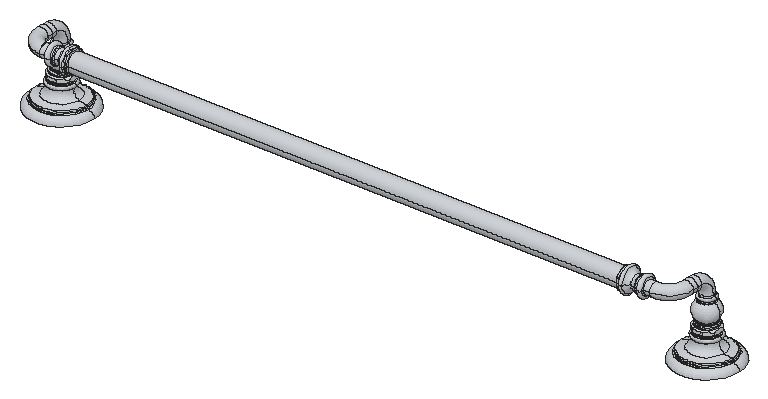
Revit family "Accessory-Towel_Bar-KOHLER-Artifacts-K-72569", category Specialty Equipment, host Face, Revit 2015 (continued)
Definition of nested family "K-72569"
  Automatic sketch dimensions
    Revolve 1 sketch curve to Revolve 1 sketch curve = 0.05268"
    Revolve 1 sketch curve to Revolve 1 sketch curve = 0.06456"
    Revolve 1 sketch curve to Revolve 1 sketch curve = 0.07587"
    Revolve 1 sketch curve to Revolve 1 sketch curve = 0.08347"
    Revolve 1 sketch curve to Revolve 1 sketch curve = 0.06131"
    Revolve 1 sketch curve to Revolve 1 sketch curve = 0.04276"
    Revolve 1 sketch curve to Revolve 1 sketch curve = 0.42407"
    Revolve 1 sketch curve to Revolve 1 sketch curve = 0.40824"
    Revolve 1 sketch curve to Revolve 1 sketch curve = 0.43783"
    Revolve 1 sketch curve to Revolve 1 sketch curve = 0.08395"
    Revolve 1 sketch curve to Revolve 1 sketch curve = 0.05126"
    Revolve 1 sketch curve to Revolve 1 sketch curve = 0"  (x4)
    Revolve 1 sketch curve to Revolve 1 sketch curve = 0.02262"
    level to Revolve 1 sketch curve = 0.1926"
    Sweep 2 sketch curve to plane 4 "B" = 0"
    Sweep 2 sketch curve to Sweep 2 sketch curve = 1/4"
    Sweep 2 sketch curve to Sweep 2 sketch curve = 0.3057"
    Sweep 2 sketch curve to profile plane = 0"  (x2)
    Revolve 3 sketch curve to Revolve 3 sketch curve = 0.04499"
    Revolve 3 sketch curve to Revolve 3 sketch curve = 0.07453"
    Revolve 3 sketch curve to Revolve 3 sketch curve = 0.02954"
    Revolve 3 sketch curve to Revolve 3 sketch curve = 0.01009"  (x2)
    Revolve 3 sketch curve to Revolve 3 sketch curve = 0.03018"  (x2)
    Revolve 3 sketch curve to Revolve 3 sketch curve = 0.05281"  (x2)
    Revolve 3 sketch curve to Revolve 3 sketch curve = 0.02977"  (x2)
    Revolve 3 sketch curve to Revolve 3 sketch curve = 0.00746"  (x2)
    Revolve 3 sketch curve to Revolve 3 sketch curve = 0.13506"  (x2)
    Revolve 3 sketch curve to Revolve 3 sketch curve = 0.05903"  (x2)
    Revolve 3 sketch curve to Revolve 3 sketch curve = 0.05494"  (x2)
    plane 5 "C" to Revolve 3 sketch curve = 1.12992"
    Revolve 3 sketch curve to Revolve 3 sketch curve = 0.10662"
    Revolve 3 sketch curve to Revolve 3 sketch curve = 0.10636"  (x2)
    Revolve 3 sketch curve to Revolve 3 sketch curve = 0.1081"  (x2)
    Revolve 3 sketch curve to Revolve 3 sketch curve = 0.07388"
    Revolve 3 sketch curve to Revolve 3 sketch curve = 0.01339"  (x2)
    Revolve 3 sketch curve to Revolve 3 sketch curve = 0.34683"  (x2)
    Revolve 3 sketch curve to Revolve 3 sketch curve = 0.10942"  (x2)
    Revolve 3 sketch curve to Revolve 3 sketch curve = 0.08218"  (x2)
    Revolve 3 sketch curve to plane 4 "B" = 2.2126"
    Revolve 3 sketch curve to Revolve 3 sketch curve = 0.08727"
    Revolve 3 sketch curve to Revolve 3 sketch curve = 0.10614"
    Revolve 3 sketch curve to Revolve 3 sketch curve = 0.10769"  (x2)
    Revolve 3 sketch curve to Revolve 3 sketch curve = 0"  (x7)
    Revolve 3 sketch curve to Revolve 3 sketch curve = 0.0928"
    plane 1 "Center (Front/Back)" to Extrusion 4 sketch curve = 0"
    Extrusion 4 sketch curve to plane 4 "B" = 0"
    plane 4 "B" to Extrusion 4 sketch curve = 0.233"  (x2)
    Extrusion 4 sketch curve to plane 1 "Center (Front/Back)" = 0.233"  (x2)
    Extrusion 4 sketch curve to Extrusion 4 sketch curve = 0.3295"  (x4)
    Extrusion 4 sketch curve to plane 4 "B" = 0.233"  (x2)
    plane 1 "Center (Front/Back)" to Extrusion 4 sketch curve = 0.233"  (x2)
    Revolve 5 sketch curve to level = 0"  (x2)
    plane 4 "B" to Revolve 5 sketch curve = 0"  (x2)
    Revolve 5 sketch curve to Revolve 5 sketch curve = 0.29529"
    Revolve 5 sketch curve to Revolve 5 sketch curve = 0.12965"
    Revolve 5 sketch curve to Revolve 5 sketch curve = 1.50093"
    Revolve 5 sketch curve to plane 6 "A" = 0.78472"
    Revolve 5 sketch curve to Revolve 5 sketch curve = 0.34794"
    Revolve 5 sketch curve to Revolve 5 sketch curve = 1/2"
    Revolve 7 sketch curve to level = 0"  (x2)
    plane 5 "C" to Revolve 7 sketch curve = 0"  (x2)
    Revolve 7 sketch curve to Revolve 7 sketch curve = 0.29529"
    Revolve 7 sketch curve to Revolve 7 sketch curve = 0.12965"
    Revolve 7 sketch curve to Revolve 7 sketch curve = 1.50093"
    plane 6 "A" to Revolve 7 sketch curve = 0.78472"
    Revolve 7 sketch curve to Revolve 7 sketch curve = 0.36863"
    Revolve 7 sketch curve to level = 1/2"
    Sweep 8 sketch curve to plane 6 "A" = 0"
    Sweep 8 sketch curve to plane 1 "Center (Front/Back)" = 0"
    Sweep 8 sketch curve to Sweep 8 sketch curve = 179/256"
    Sweep 8 sketch curve to Sweep 8 sketch curve = 0.0855"
    Sweep 8 sketch curve to Sweep 8 sketch curve = 0.22563"
    Sweep 8 sketch curve to plane 4 "B" = 0"
    Sweep 8 sketch curve to profile plane = 0"
    curve 134 to curve 135 = 0"  (x3)
    curve 135 to plane 6 "A" = 0"
    curve 132 to curve 134 = 0.29623"
    curve 134 to curve 135 = 0.4028"
    curve 135 to curve 132 = 0.1028"
    curve 135 to curve 133 = 0.1028"
    Sweep 9 sketch curve to plane 6 "A" = 0"
    Sweep 9 sketch curve to plane 1 "Center (Front/Back)" = 0"
    Sweep 9 sketch curve to Sweep 9 sketch curve = 179/256"
    Sweep 9 sketch curve to Sweep 9 sketch curve = 0.0855"
    Sweep 9 sketch curve to Sweep 9 sketch curve = 0.22563"
    Sweep 9 sketch curve to plane 5 "C" = 0"
    Sweep 9 sketch curve to profile plane = 0"
    Sweep 10 sketch curve to plane 5 "C" = 0"
    Sweep 10 sketch curve to Sweep 10 sketch curve = 1/4"
    Sweep 10 sketch curve to Sweep 10 sketch curve = 0.3057"
    Sweep 10 sketch curve to plane 6 "A" = 0"
    Sweep 10 sketch curve to profile plane = 0"
    Revolve 11 sketch curve to level = 0"  (x2)
    plane 5 "C" to Revolve 11 sketch curve = 0"  (x2)
    Revolve 11 sketch curve to plane 5 "C" = 0.10942"
    Revolve 11 sketch curve to plane 5 "C" = 0.34714"
    Revolve 11 sketch curve to Revolve 11 sketch curve = 0.00747"
    Revolve 11 sketch curve to plane 5 "C" = 0.39368"
    Revolve 11 sketch curve to Revolve 11 sketch curve = 15/256"
    Revolve 11 sketch curve to Revolve 11 sketch curve = 1/32"  (x2)
    Revolve 11 sketch curve to Revolve 11 sketch curve = 0.02797"
    Revolve 11 sketch curve to Revolve 11 sketch curve = 0.03611"
    Revolve 11 sketch curve to Revolve 11 sketch curve = 0.00145"
    Revolve 11 sketch curve to Revolve 11 sketch curve = 0.0311"
    Revolve 11 sketch curve to Revolve 11 sketch curve = 0.0077"
    Revolve 11 sketch curve to Revolve 11 sketch curve = 0.01179"
    Revolve 11 sketch curve to Revolve 11 sketch curve = 0.04174"
    Revolve 11 sketch curve to Revolve 11 sketch curve = 0.00123"
    Revolve 11 sketch curve to Revolve 11 sketch curve = 0.04476"
    Revolve 11 sketch curve to Revolve 11 sketch curve = 0.02674"
    Revolve 11 sketch curve to Revolve 11 sketch curve = 0.09104"
    Revolve 11 sketch curve to Revolve 11 sketch curve = 0.32123"
    Revolve 11 sketch curve to Revolve 11 sketch curve = 0.21286"
    Revolve 11 sketch curve to Revolve 11 sketch curve = 0.03045"
    Revolve 11 sketch curve to Revolve 11 sketch curve = 0.00812"
    Revolve 11 sketch curve to Revolve 11 sketch curve = 9/256"
    Revolve 11 sketch curve to Revolve 11 sketch curve = 0.66683"
    Revolve 11 sketch curve to Revolve 11 sketch curve = 0.13288"
    Revolve 11 sketch curve to Revolve 11 sketch curve = 0.31389"
    Revolve 11 sketch curve to level = 0.35339"
    Revolve 11 sketch curve to Revolve 11 sketch curve = 0.05831"
    Revolve 11 sketch curve to Revolve 11 sketch curve = 0.22284"
    Revolve 11 sketch curve to Revolve 11 sketch curve = 0.24157"
    Revolve 11 sketch curve to Revolve 11 sketch curve = 0.10532"
    Revolve 11 sketch curve to Revolve 11 sketch curve = 0.09192"
    Revolve 11 sketch curve to Revolve 11 sketch curve = 0.06202"
    Revolve 11 sketch curve to Revolve 11 sketch curve = 0.05268"
    Revolve 11 sketch curve to Revolve 11 sketch curve = 0.06456"
    Revolve 11 sketch curve to Revolve 11 sketch curve = 0.07587"
    Revolve 11 sketch curve to Revolve 11 sketch curve = 0.08347"
    Revolve 11 sketch curve to Revolve 11 sketch curve = 0.06131"
    Revolve 11 sketch curve to Revolve 11 sketch curve = 0.04276"
    Revolve 11 sketch curve to Revolve 11 sketch curve = 0.42407"
    Revolve 11 sketch curve to Revolve 11 sketch curve = 0.40824"
    Revolve 11 sketch curve to Revolve 11 sketch curve = 0.43783"
    Revolve 11 sketch curve to Revolve 11 sketch curve = 0.08395"
    Revolve 11 sketch curve to Revolve 11 sketch curve = 0.05126"
    Revolve 11 sketch curve to Revolve 11 sketch curve = 0"  (x4)
    Revolve 11 sketch curve to Revolve 11 sketch curve = 0.02262"
    Revolve 11 sketch curve to level = 0.1926"
    plane 1 "Center (Front/Back)" to Extrusion 12 sketch curve = 0"
    Extrusion 12 sketch curve to plane 5 "C" = 0"
    plane 5 "C" to Extrusion 12 sketch curve = 0.233"  (x2)
    plane 1 "Center (Front/Back)" to Extrusion 12 sketch curve = 0.233"  (x2)
    Extrusion 12 sketch curve to Extrusion 12 sketch curve = 0.3295"  (x4)
    Extrusion 12 sketch curve to plane 5 "C" = 0.233"  (x2)
    Extrusion 12 sketch curve to plane 1 "Center (Front/Back)" = 0.233"  (x2)
    plane 1 "Center (Front/Back)" to Masking region 3 sketch curve = 0"
    Masking region 3 sketch curve to plane 5 "C" = 0"
    plane 5 "C" to Masking region 3 sketch curve = 0.82389"
    Masking region 3 sketch curve to Masking region 3 sketch curve = 0.00164"  (x2)
    Masking region 3 sketch curve to Masking region 3 sketch curve = 0.30603"
    Masking region 3 sketch curve to Masking region 3 sketch curve = 0.30439"
    Masking region 3 sketch curve to Masking region 3 sketch curve = 0.10662"  (x4)
    Masking region 3 sketch curve to Masking region 3 sketch curve = 0.10614"  (x4)
    Masking region 3 sketch curve to Masking region 3 sketch curve = 0.10636"  (x4)
    Masking region 3 sketch curve to Masking region 3 sketch curve = 0.1081"  (x4)
    Masking region 3 sketch curve to Masking region 3 sketch curve = 0.07388"  (x2)
    Masking region 3 sketch curve to Masking region 3 sketch curve = 0.01339"  (x4)
    Masking region 3 sketch curve to Masking region 3 sketch curve = 0.34683"  (x4)
    Masking region 3 sketch curve to Masking region 3 sketch curve = 0.10942"  (x4)
    Masking region 3 sketch curve to Masking region 3 sketch curve = 0.08218"  (x4)
    Masking region 3 sketch curve to Masking region 3 sketch curve = 0.02977"  (x4)
    Masking region 3 sketch curve to plane 4 "B" = 2.2126"
    Masking region 3 sketch curve to Masking region 3 sketch curve = 0"  (x17)
    Masking region 3 sketch curve to Masking region 3 sketch curve = 0.08727"  (x2)
    Masking region 3 sketch curve to Masking region 3 sketch curve = 0.30445"
    Masking region 3 sketch curve to Masking region 3 sketch curve = 0.00138"
    Masking region 3 sketch curve to Masking region 3 sketch curve = 0.36203"
    plane 4 "B" to Masking region 3 sketch curve = 0.00029"
    Masking region 3 sketch curve to plane 1 "Center (Front/Back)" = 0.0002"
    Masking region 3 sketch curve to Masking region 3 sketch curve = 0.00408"
    Masking region 3 sketch curve to Masking region 3 sketch curve = 0.1416"  (x2)
    Masking region 3 sketch curve to Masking region 3 sketch curve = 0.05494"  (x4)
    Masking region 3 sketch curve to Masking region 3 sketch curve = 0.05157"  (x2)
    Masking region 3 sketch curve to Masking region 3 sketch curve = 0.05903"  (x3)
    Masking region 3 sketch curve to Masking region 3 sketch curve = 0.08257"
    Masking region 3 sketch curve to Masking region 3 sketch curve = 0.13506"  (x4)
    Masking region 3 sketch curve to Masking region 3 sketch curve = 0.03018"  (x4)
    Masking region 3 sketch curve to Masking region 3 sketch curve = 0.03963"  (x2)
    Masking region 3 sketch curve to Masking region 3 sketch curve = 0.07477"
    Masking region 3 sketch curve to Masking region 3 sketch curve = 0.04595"
    Masking region 3 sketch curve to Masking region 3 sketch curve = 0.04497"
    Masking region 3 sketch curve to Masking region 3 sketch curve = 0.07451"
    Masking region 3 sketch curve to Masking region 3 sketch curve = 0.07549"  (x2)
    Masking region 3 sketch curve to Masking region 3 sketch curve = 0.05281"  (x2)
    Masking region 3 sketch curve to Masking region 3 sketch curve = 0.00746"  (x2)
    plane 5 "C" to Masking region 3 sketch curve = 0.3751"
    Masking region 3 sketch curve to plane 4 "B" = 0.37563"
    curve 68 to curve 69 = 0"  (x2)
    curve 93 to curve 94 = 0"  (x2)
    plane 1 "Center (Front/Back)" to curve 66 = 0"
    plane 1 "Center (Front/Back)" to curve 68 = 0"
    plane 1 "Center (Front/Back)" to curve 70 = 0"
    curve 70 to plane 4 "B" = 0"
    plane 1 "Center (Front/Back)" to curve 91 = 0"
    plane 1 "Center (Front/Back)" to curve 95 = 0"
    curve 95 to plane 5 "C" = 0"
    plane 1 "Center (Front/Back)" to curve 93 = 0"
    curve 67 to plane 1 "Center (Front/Back)" = 0"
    plane 4 "B" to curve 67 = 0.00004"
    curve 69 to curve 67 = 0"
    curve 66 to curve 68 = 0"
    plane 4 "B" to curve 73 = 0.233"
    plane 4 "B" to curve 64 = 0.29529"
    plane 1 "Center (Front/Back)" to curve 72 = 0.233"
    curve 72 to curve 66 = 0.26721"
    curve 79 to plane 1 "Center (Front/Back)" = 0.233"
    curve 79 to curve 67 = 0.26721"
    curve 78 to plane 4 "B" = 0.233"
    plane 1 "Center (Front/Back)" to curve 76 = 0.233"
    curve 66 to curve 76 = 0.2673"
    curve 82 to plane 1 "Center (Front/Back)" = 0.233"
    curve 67 to curve 82 = 0.2673"
    curve 65 to curve 109 = 0.32333"
    curve 109 to curve 108 = 0.19843"
    plane 5 "C" to curve 110 = 0.81696"
    curve 110 to curve 111 = 0.19843"
    plane 1 "Center (Front/Back)" to curve 100 = 0.233"
    plane 5 "C" to curve 100 = 9/16"
    curve 107 to plane 1 "Center (Front/Back)" = 0.233"
    curve 107 to curve 100 = 0"
    curve 90 to curve 95 = 0.2952"
    plane 5 "C" to curve 103 = 0.233"
    curve 92 to plane 1 "Center (Front/Back)" = 0"
    curve 92 to plane 5 "C" = 0.00004"
    curve 92 to curve 93 = 0"
    curve 93 to curve 91 = 0"
    curve 98 to plane 5 "C" = 0.233"
    plane 1 "Center (Front/Back)" to curve 97 = 0.233"
    curve 89 to curve 97 = 0.26721"
    curve 104 to plane 1 "Center (Front/Back)" = 0.233"
    curve 92 to curve 104 = 0.26721"
    curve 98 to curve 96 = 0.3295"
    curve 74 to curve 71 = 0.3295"
    curve 73 to curve 78 = 0"
    curve 102 to curve 98 = 0"
    curve 110 to curve 111 = 0.02925"
    curve 108 to curve 64 = 0.02925"
    curve 73 to curve 73 = 0.07775"
    plane 4 "B" to curve 109 = 0.25313"
    curve 74 to curve 73 = 0.05495"
    curve 80 to plane 1 "Center (Front/Back)" = 0.28791"
    plane 1 "Center (Front/Back)" to curve 72 = 0.28791"
    curve 77 to curve 78 = 0.05506"
    curve 108 to curve 108 = 0.0799"
    curve 82 to plane 1 "Center (Front/Back)" = 0.2881"
    plane 1 "Center (Front/Back)" to curve 76 = 0.2881"
    curve 58 to plane 4 "B" = 1.12992"
    curve 58 to curve 59 = 0.21276"
    curve 59 to curve 60 = 0.13965"
    curve 60 to curve 61 = 0.44834"
    curve 61 to curve 62 = 0.11659"
    curve 62 to curve 63 = 0.16534"
    curve 88 to curve 110 = 1.39563"
    curve 88 to curve 87 = 0.16534"
    curve 87 to curve 86 = 0.11659"
    curve 86 to curve 85 = 0.44834"
    curve 85 to curve 84 = 0.13965"
    curve 84 to curve 83 = 0.21276"
    plane 1 "Center (Front/Back)" to curve 101 = 0.2881"
    curve 100 to curve 101 = 0.0551"
    curve 107 to plane 1 "Center (Front/Back)" = 0.2881"
    curve 110 to curve 90 = 0.0799"
    curve 103 to curve 102 = 0.05506"
    curve 111 to plane 5 "C" = 0.25313"
    curve 98 to curve 99 = 0.05495"
    plane 1 "Center (Front/Back)" to curve 97 = 0.28791"
    curve 105 to plane 1 "Center (Front/Back)" = 0.28791"
    curve 67 to curve 80 = 0.01872"
    curve 92 to curve 105 = 0.01872"
    curve 93 to curve 94 = 0.07532"
    curve 68 to curve 69 = 0.07532"
    curve 70 to curve 64 = 0.06427"
    curve 95 to curve 89 = 0.06427"
    curve 62 to curve 61 = 0.01347"
    curve 87 to curve 86 = 0.01347"
    curve 87 to curve 88 = 0.11644"
    curve 62 to curve 63 = 0.11644"
    curve 59 to curve 60 = 0.01813"
    curve 84 to curve 85 = 0.01813"
    curve 59 to curve 58 = 0.08461"
    curve 84 to curve 83 = 0.08558"
    curve 83 to curve 85 = 0.06745"
    curve 58 to curve 60 = 0.06648"
    curve 85 to curve 84 = 0.01813"
    curve 60 to curve 59 = 0.01813"
    curve 63 to curve 61 = 0.10296"
    curve 88 to curve 86 = 0.10296"
    curve 61 to curve 62 = 0.01347"
    curve 86 to curve 87 = 0.01347"
    Masking region 1 sketch curve to level = 0"  (x2)
    Masking region 1 sketch curve to plane 6 "A" = 0"  (x2)
    plane 4 "B" to Masking region 1 sketch curve = 0"
    plane 5 "C" to Masking region 1 sketch curve = 0"  (x2)
    plane 4 "B" to Masking region 1 sketch curve = 0.10942"
    Masking region 1 sketch curve to Masking region 1 sketch curve = 0.29625"
    Masking region 1 sketch curve to Masking region 1 sketch curve = 0.05089"  (x3)
    Masking region 1 sketch curve to Masking region 1 sketch curve = 0.00747"  (x4)
    plane 4 "B" to Masking region 1 sketch curve = 0.39368"
    Masking region 1 sketch curve to Masking region 1 sketch curve = 15/256"  (x4)
    Masking region 1 sketch curve to Masking region 1 sketch curve = 1/32"  (x8)
    Masking region 1 sketch curve to Masking region 1 sketch curve = 0.02797"  (x3)
    Masking region 1 sketch curve to Masking region 1 sketch curve = 0.03611"  (x4)
    Masking region 1 sketch curve to Masking region 1 sketch curve = 0.00145"  (x3)
    Masking region 1 sketch curve to Masking region 1 sketch curve = 0.0311"  (x2)
    Masking region 1 sketch curve to Masking region 1 sketch curve = 0.0077"  (x4)
    Masking region 1 sketch curve to Masking region 1 sketch curve = 0.01179"  (x3)
    Masking region 1 sketch curve to Masking region 1 sketch curve = 0.02115"  (x3)
    Masking region 1 sketch curve to Masking region 1 sketch curve = 11/256"  (x3)
    Masking region 1 sketch curve to Masking region 1 sketch curve = 0.06266"  (x4)
    Masking region 1 sketch curve to Masking region 1 sketch curve = 0.04476"  (x3)
    Masking region 1 sketch curve to Masking region 1 sketch curve = 0.02674"  (x4)
    Masking region 1 sketch curve to Masking region 1 sketch curve = 0.32123"  (x4)
    Masking region 1 sketch curve to Masking region 1 sketch curve = 0.21286"  (x3)
    Masking region 1 sketch curve to Masking region 1 sketch curve = 0.03045"  (x4)
    Masking region 1 sketch curve to Masking region 1 sketch curve = 0.00812"  (x3)
    Masking region 1 sketch curve to Masking region 1 sketch curve = 9/256"  (x4)
    Masking region 1 sketch curve to Masking region 1 sketch curve = 0.74873"  (x3)
    Masking region 1 sketch curve to Masking region 1 sketch curve = 0.13288"  (x3)
    Masking region 1 sketch curve to Masking region 1 sketch curve = 0.31389"  (x4)
    Masking region 1 sketch curve to plane 4 "B" = 0.00096"
    Masking region 1 sketch curve to plane 4 "B" = 0.10942"
    Masking region 1 sketch curve to plane 4 "B" = 0.29625"
    Masking region 1 sketch curve to plane 4 "B" = 0.39368"
    Masking region 1 sketch curve to Masking region 1 sketch curve = 0.02964"  (x2)
    Masking region 1 sketch curve to plane 6 "A" = 0.29625"  (x2)
    Masking region 1 sketch curve to Masking region 1 sketch curve = 0.83367"
    plane 6 "A" to Masking region 1 sketch curve = 0.37077"
    Masking region 1 sketch curve to Masking region 1 sketch curve = 0"  (x37)
    Masking region 1 sketch curve to Masking region 1 sketch curve = 0.10662"  (x4)
    Masking region 1 sketch curve to Masking region 1 sketch curve = 0.10614"  (x4)
    Masking region 1 sketch curve to Masking region 1 sketch curve = 0.10636"  (x4)
    Masking region 1 sketch curve to Masking region 1 sketch curve = 0.1081"  (x4)
    Masking region 1 sketch curve to Masking region 1 sketch curve = 0.07388"  (x2)
    Masking region 1 sketch curve to Masking region 1 sketch curve = 0.01339"  (x4)
    Masking region 1 sketch curve to Masking region 1 sketch curve = 0.34683"  (x4)
    Masking region 1 sketch curve to Masking region 1 sketch curve = 0.10942"  (x4)
    Masking region 1 sketch curve to Masking region 1 sketch curve = 0.08218"  (x4)
    Masking region 1 sketch curve to Masking region 1 sketch curve = 0.02977"  (x4)
    plane 6 "A" to Masking region 1 sketch curve = 0.4869"
    plane 5 "C" to Masking region 1 sketch curve = 2.2126"
    Masking region 1 sketch curve to Masking region 1 sketch curve = 0.08727"  (x2)
    plane 5 "C" to Masking region 1 sketch curve = 1.50093"
    Masking region 1 sketch curve to Masking region 1 sketch curve = 0.18913"
    Masking region 1 sketch curve to Masking region 1 sketch curve = 0.31978"
    Masking region 1 sketch curve to Masking region 1 sketch curve = 0.09772"
    Masking region 1 sketch curve to Masking region 1 sketch curve = 0.3762"
    Masking region 1 sketch curve to Masking region 1 sketch curve = 0.02513"
    Masking region 1 sketch curve to Masking region 1 sketch curve = 0.0079"
    Masking region 1 sketch curve to Masking region 1 sketch curve = 3/256"
    Masking region 1 sketch curve to Masking region 1 sketch curve = 0.02972"
    Masking region 1 sketch curve to Masking region 1 sketch curve = 0.03734"
    Masking region 1 sketch curve to Masking region 1 sketch curve = 0.00814"
    plane 5 "C" to Masking region 1 sketch curve = 0.4132"
    Masking region 1 sketch curve to Masking region 1 sketch curve = 0.05088"
    plane 5 "C" to Masking region 1 sketch curve = 0.10942"
    plane 5 "C" to Masking region 1 sketch curve = 0.00096"
    Masking region 1 sketch curve to plane 5 "C" = 0.10942"
    Masking region 1 sketch curve to plane 5 "C" = 0.29625"
    Masking region 1 sketch curve to plane 5 "C" = 0.39368"
    level to Masking region 1 sketch curve = 0.35339"  (x4)
    Masking region 1 sketch curve to Masking region 1 sketch curve = 0.05831"  (x4)
    Masking region 1 sketch curve to Masking region 1 sketch curve = 0.22284"  (x4)
    Masking region 1 sketch curve to Masking region 1 sketch curve = 0.24157"  (x4)
    Masking region 1 sketch curve to Masking region 1 sketch curve = 0.10532"  (x4)
    Masking region 1 sketch curve to Masking region 1 sketch curve = 0.09192"  (x4)
    Masking region 1 sketch curve to Masking region 1 sketch curve = 0.06202"  (x4)
    Masking region 1 sketch curve to Masking region 1 sketch curve = 0.05268"  (x4)
    Masking region 1 sketch curve to Masking region 1 sketch curve = 0.01241"  (x4)
    Masking region 1 sketch curve to Masking region 1 sketch curve = 0.18124"  (x4)
    Masking region 1 sketch curve to Masking region 1 sketch curve = 0.03618"  (x4)
    Masking region 1 sketch curve to Masking region 1 sketch curve = 0.06131"  (x4)
    Masking region 1 sketch curve to Masking region 1 sketch curve = 0.04276"  (x4)
    Masking region 1 sketch curve to Masking region 1 sketch curve = 0.37679"  (x4)
    Masking region 1 sketch curve to Masking region 1 sketch curve = 0.40824"  (x2)
    Masking region 1 sketch curve to Masking region 1 sketch curve = 0.43783"  (x4)
    Masking region 1 sketch curve to Masking region 1 sketch curve = 0.08395"  (x4)
    Masking region 1 sketch curve to Masking region 1 sketch curve = 0.05126"  (x4)
    Masking region 1 sketch curve to plane 6 "A" = 0.60104"
    Masking region 1 sketch curve to Masking region 1 sketch curve = 0.3048"
    Masking region 1 sketch curve to Masking region 1 sketch curve = 0.02535"  (x2)
    Masking region 1 sketch curve to Masking region 1 sketch curve = 0.05494"  (x4)
    Masking region 1 sketch curve to Masking region 1 sketch curve = 0.05157"  (x2)
    Masking region 1 sketch curve to Masking region 1 sketch curve = 0.05903"  (x4)
    Masking region 1 sketch curve to Masking region 1 sketch curve = 0.05281"  (x3)
    Masking region 1 sketch curve to Masking region 1 sketch curve = 0.13506"  (x4)
    Masking region 1 sketch curve to Masking region 1 sketch curve = 0.03018"  (x4)
    Masking region 1 sketch curve to Masking region 1 sketch curve = 0.03963"  (x3)
    Masking region 1 sketch curve to Masking region 1 sketch curve = 0.04499"
    Masking region 1 sketch curve to Masking region 1 sketch curve = 0.07453"
    Masking region 1 sketch curve to Masking region 1 sketch curve = 0.00746"  (x2)
    Masking region 1 sketch curve to Masking region 1 sketch curve = 0.02262"  (x3)
    plane 4 "B" to curve 122 = 0"
    plane 4 "B" to curve 7 = 0"
    plane 4 "B" to curve 3 = 0"
    curve 122 to plane 6 "A" = 0"
    curve 136 to plane 6 "A" = 0"
    plane 5 "C" to curve 24 = 0"
    plane 5 "C" to curve 20 = 0"
    plane 4 "B" to curve 9 = 0.233"
    curve 5 to curve 9 = 0.3295"
    curve 10 to plane 4 "B" = 0.233"
    curve 122 to curve 115 = 0.29625"
    plane 5 "C" to curve 27 = 0.233"
    plane 5 "C" to curve 137 = 0"
    curve 26 to plane 5 "C" = 0.233"
    curve 20 to curve 22 = 0.3295"
    curve 20 to plane 6 "A" = 1.38893"
    curve 3 to plane 6 "A" = 1.38893"
    curve 9 to curve 3 = 0.68786"
    curve 26 to curve 20 = 0.68786"
    curve 26 to curve 24 = 0.12162"
    curve 9 to curve 7 = 0.12162"
    curve 5 to curve 9 = 0"
    curve 22 to curve 20 = 0"
    level to curve 7 = 0.42217"
    level to curve 24 = 0.42217"
    plane 4 "B" to curve 114 = 0.29625"
    curve 113 to curve 114 = 0.05836"
    curve 113 to curve 112 = 0"  (x2)
    curve 17 to curve 6 = 0.16069"
    curve 6 to curve 7 = 0.39775"
    curve 12 to curve 17 = 1/32"
    curve 11 to curve 6 = 0.06475"
    curve 5 to curve 13 = 0.01962"
    curve 5 to curve 1 = 0.01551"
    curve 6 to curve 11 = 0.10001"
    curve 14 to curve 13 = 0.06208"
    curve 15 to curve 6 = 0.7542"
    curve 16 to curve 15 = 0.05059"
    curve 122 to plane 4 "B" = 0.00096"
    curve 114 to plane 4 "B" = 0.29625"
    curve 114 to curve 112 = 0.05836"
    curve 10 to curve 17 = 0.16069"
    curve 8 to plane 4 "B" = 0.39775"
    curve 2 to plane 4 "B" = 0.39775"
    curve 17 to curve 12 = 1/32"
    curve 8 to curve 11 = 0.06475"
    curve 2 to curve 13 = 0.14513"
    curve 13 to curve 1 = 0.00411"
    curve 11 to curve 8 = 0.10001"
    curve 1 to curve 2 = 0.01551"
    curve 13 to curve 14 = 0.06208"
    curve 116 to plane 6 "A" = 0.29625"
    curve 115 to curve 116 = 0.83367"
    curve 8 to curve 15 = 0.7542"
    curve 15 to curve 16 = 0.05059"
    curve 116 to curve 117 = 0.21276"
    curve 117 to curve 121 = 0.13965"
    curve 121 to curve 118 = 0.44834"
    curve 118 to curve 119 = 0.11659"
    curve 119 to curve 120 = 0.16534"
    plane 6 "A" to curve 130 = 0.43409"
    plane 5 "C" to curve 130 = 2.2126"
    curve 130 to curve 129 = 0.16534"
    curve 129 to curve 128 = 0.11659"
    curve 128 to curve 131 = 0.44834"
    curve 131 to curve 127 = 0.13965"
    level to curve 33 = 0.32019"
    plane 5 "C" to curve 33 = 1.20254"
    curve 33 to curve 32 = 0.05059"
    curve 127 to curve 126 = 0.21276"
    curve 31 to curve 19 = 0.37196"
    curve 31 to curve 19 = 0.04246"
    curve 25 to curve 19 = 0"
    curve 19 to curve 18 = 0.01551"
    curve 18 to curve 30 = 0.00411"
    curve 25 to curve 28 = 0.10001"
    curve 28 to curve 29 = 0.03756"
    curve 28 to curve 25 = 0.06475"
    curve 18 to curve 19 = 0.14924"
    curve 29 to curve 34 = 1/32"
    plane 5 "C" to curve 123 = 0.35461"
    curve 124 to curve 123 = 0"  (x2)
    plane 5 "C" to curve 136 = 0.29625"
    curve 124 to curve 125 = 0.05836"
    plane 5 "C" to curve 137 = 0.00096"
    curve 125 to plane 5 "C" = 0.29625"
    curve 125 to curve 123 = 0.05836"
    curve 26 to curve 34 = 0.16069"
    curve 26 to curve 23 = 0.16475"
    curve 34 to curve 29 = 1/32"
    curve 23 to curve 28 = 0.06475"
    curve 30 to curve 22 = 0.01962"
    curve 18 to curve 22 = 0.01551"
    curve 28 to curve 23 = 0.10001"
    curve 30 to curve 31 = 0.06208"
    curve 23 to curve 32 = 0.7542"
    curve 32 to curve 33 = 0.05059"
    curve 136 to plane 6 "A" = 0.29625"
    curve 115 to plane 6 "A" = 0.29625"
    curve 126 to plane 6 "A" = 0.29625"
    curve 131 to curve 126 = 0.06648"
    curve 121 to curve 116 = 0.06648"
    curve 117 to curve 121 = 0.01813"
    curve 127 to curve 131 = 0.01813"
    curve 130 to plane 6 "A" = 0.43409"
    curve 120 to plane 6 "A" = 0.43409"
    curve 118 to curve 120 = 0.10296"
    curve 128 to curve 130 = 0.10296"
    curve 119 to curve 118 = 0.01347"
    curve 129 to curve 128 = 0.01347"
    curve 125 to curve 136 = 0.48847"
    curve 3 to curve 114 = 0.60421"
    curve 124 to curve 125 = 0.10305"
    curve 113 to curve 114 = 0.10305"
    curve 123 to curve 124 = 0.08395"
    curve 112 to curve 113 = 0.08395"
    curve 21 to curve 20 = 0"
    curve 19 to curve 20 = 0"
    curve 2 to curve 3 = 0"
    curve 4 to curve 3 = 0"
    curve 26 to curve 34 = 0.259"
    curve 6 to curve 17 = 0.259"
    curve 29 to curve 34 = 0.07401"
    curve 12 to curve 17 = 0.07401"
    curve 25 to curve 28 = 0.06294"
    curve 8 to curve 11 = 0.06294"
    curve 23 to curve 28 = 0.03618"
    curve 6 to curve 11 = 0.03618"
    curve 8 to curve 11 = 0.03618"
    curve 25 to curve 28 = 0.03618"
    curve 21 to curve 21 = 0.03286"
    curve 2 to curve 2 = 0.03286"
    curve 4 to curve 4 = 0.03286"
    curve 19 to curve 19 = 0.03286"
    curve 22 to curve 21 = 0.03286"
    curve 5 to curve 4 = 0.03286"
    curve 18 to curve 19 = 0.03934"
    curve 1 to curve 2 = 0.03934"
    curve 13 to curve 1 = 0.12689"
    curve 30 to curve 18 = 0.12689"
    curve 31 to curve 30 = 0.12157"
    curve 14 to curve 13 = 0.12157"
    curve 33 to curve 32 = 0.12177"
    level to curve 15 = 0.44196"
    curve 8 to curve 7 = 0"
    curve 6 to curve 7 = 0"
    curve 25 to curve 24 = 0"
    curve 23 to curve 24 = 0"
    curve 16 to curve 15 = 0.12177"
    plane 6 "A" to curve 116 = 0.29625"
    plane 6 "A" to curve 126 = 0.29625"
    curve 126 to curve 131 = 0.06648"
    curve 116 to curve 121 = 0.06648"
    curve 131 to curve 127 = 0.01813"
    curve 121 to curve 117 = 0.01813"
    plane 6 "A" to curve 120 = 0.43409"
    curve 120 to curve 118 = 0.10296"
    curve 130 to curve 128 = 0.10296"
    curve 118 to curve 119 = 0.01347"
    curve 128 to curve 129 = 0.01347"
    curve 36 to curve 45 = 0.7542"
    curve 69 to curve 108 = 0.5972"
    curve 94 to curve 110 = 0.5972"
    curve 108 to curve 62 = 0.27271"
    curve 110 to curve 87 = 0.27271"
    curve 86 to curve 84 = 0.15619"
    curve 61 to curve 59 = 0.15619"
    curve 83 to curve 83 = 0.59057"
    curve 58 to curve 58 = 0.5925"
    curve 60 to curve 63 = 0.07136"
    curve 85 to curve 88 = 0.07136"
    Sweep 2 sketch curve to plane 1 "Center (Front/Back)" = 1.17485"
    Sweep 2 sketch curve to Sweep 2 sketch curve = 211/256"
    Revolve 3 sketch curve to plane 1 "Center (Front/Back)" = 1.99907"
    Revolve 3 sketch curve to Revolve 3 sketch curve = 0.29625"
    Revolve 3 sketch curve to Revolve 3 sketch curve = 0.34123"
    Revolve 3 sketch curve to Revolve 3 sketch curve = 0.13074"
    Revolve 3 sketch curve to Revolve 3 sketch curve = 0.30335"
    Masking region 3 sketch curve to plane 1 "Center (Front/Back)" = 1.17273"
    Masking region 3 sketch curve to plane 1 "Center (Front/Back)" = 1.17353"
    Masking region 3 sketch curve to Masking region 3 sketch curve = 0.22449"
    Masking region 3 sketch curve to Masking region 3 sketch curve = 0.22529"
    Masking region 3 sketch curve to Masking region 3 sketch curve = 0.02959"
    Masking region 3 sketch curve to Masking region 3 sketch curve = 0.59057"
    Masking region 3 sketch curve to Masking region 3 sketch curve = 0.59227"
    Masking region 3 sketch curve to Masking region 3 sketch curve = 0.13074"
    curve 132 to plane 1 "Center (Front/Back)" = 1.99907"
    plane 1 "Center (Front/Back)" to Sweep 10 sketch curve = 1.17485"
    Sweep 10 sketch curve to Sweep 10 sketch curve = 211/256"
    Masking region 2 sketch curve to level = 0"
    Masking region 2 sketch curve to plane 1 "Center (Front/Back)" = 0"
    Masking region 2 sketch curve to plane 6 "A" = 0"
    plane 1 "Center (Front/Back)" to Masking region 2 sketch curve = 0.10942"
    plane 1 "Center (Front/Back)" to Masking region 2 sketch curve = 0.2961"
    Masking region 2 sketch curve to Masking region 2 sketch curve = 0.05104"
    Masking region 2 sketch curve to Masking region 2 sketch curve = 0.00747"  (x2)
    plane 1 "Center (Front/Back)" to Masking region 2 sketch curve = 0.39368"
    Masking region 2 sketch curve to Masking region 2 sketch curve = 15/256"  (x2)
    Masking region 2 sketch curve to Masking region 2 sketch curve = 1/32"  (x4)
    Masking region 2 sketch curve to Masking region 2 sketch curve = 0.02797"  (x2)
    Masking region 2 sketch curve to Masking region 2 sketch curve = 0.03611"  (x2)
    Masking region 2 sketch curve to Masking region 2 sketch curve = 0.00145"  (x2)
    Masking region 2 sketch curve to Masking region 2 sketch curve = 0.0311"
    Masking region 2 sketch curve to Masking region 2 sketch curve = 0.0077"  (x2)
    Masking region 2 sketch curve to Masking region 2 sketch curve = 0.01179"  (x2)
    Masking region 2 sketch curve to Masking region 2 sketch curve = 0.01913"  (x2)
    Masking region 2 sketch curve to Masking region 2 sketch curve = 11/256"
    Masking region 2 sketch curve to Masking region 2 sketch curve = 0.03174"  (x2)
    Masking region 2 sketch curve to Masking region 2 sketch curve = 0.04476"  (x2)
    Masking region 2 sketch curve to Masking region 2 sketch curve = 0.02674"  (x2)
    Masking region 2 sketch curve to Masking region 2 sketch curve = 0.32123"  (x2)
    Masking region 2 sketch curve to Masking region 2 sketch curve = 0.21286"  (x2)
    Masking region 2 sketch curve to Masking region 2 sketch curve = 0.03045"  (x2)
    level to Masking region 2 sketch curve = 0.00132"  (x2)
    Masking region 2 sketch curve to Masking region 2 sketch curve = 0.00858"  (x2)
    Masking region 2 sketch curve to Masking region 2 sketch curve = 9/256"  (x2)
    Masking region 2 sketch curve to Masking region 2 sketch curve = 0.74873"  (x2)
    Masking region 2 sketch curve to Masking region 2 sketch curve = 0.13288"  (x2)
    Masking region 2 sketch curve to Masking region 2 sketch curve = 5/16"  (x2)
    Masking region 2 sketch curve to plane 1 "Center (Front/Back)" = 0.10942"
    Masking region 2 sketch curve to plane 1 "Center (Front/Back)" = 0.29625"
    Masking region 2 sketch curve to Masking region 2 sketch curve = 0.05089"
    Masking region 2 sketch curve to plane 1 "Center (Front/Back)" = 0.39368"
    Masking region 2 sketch curve to Masking region 2 sketch curve = 0.02964"
    Masking region 2 sketch curve to Masking region 2 sketch curve = 0.02383"
    Masking region 2 sketch curve to Masking region 2 sketch curve = 0.35109"
    Masking region 2 sketch curve to Masking region 2 sketch curve = 0.00319"
    plane 6 "A" to Masking region 2 sketch curve = 0.29623"
    Masking region 2 sketch curve to Masking region 2 sketch curve = 0.79205"
    Masking region 2 sketch curve to plane 6 "A" = 0.29623"
    Masking region 2 sketch curve to Masking region 2 sketch curve = 0.5056"
    Masking region 2 sketch curve to Masking region 2 sketch curve = 0.35207"  (x2)
    Masking region 2 sketch curve to Masking region 2 sketch curve = 0.05831"  (x2)
    Masking region 2 sketch curve to Masking region 2 sketch curve = 0.22284"  (x2)
    Masking region 2 sketch curve to Masking region 2 sketch curve = 0.24157"  (x2)
    Masking region 2 sketch curve to Masking region 2 sketch curve = 0.10532"  (x2)
    Masking region 2 sketch curve to Masking region 2 sketch curve = 0.09192"  (x2)
    Masking region 2 sketch curve to Masking region 2 sketch curve = 0.06202"  (x2)
    Masking region 2 sketch curve to Masking region 2 sketch curve = 0.05268"  (x2)
    Masking region 2 sketch curve to Masking region 2 sketch curve = 0.01367"  (x2)
    Masking region 2 sketch curve to Masking region 2 sketch curve = 0.18124"  (x2)
    Masking region 2 sketch curve to Masking region 2 sketch curve = 0.03618"  (x2)
    Masking region 2 sketch curve to Masking region 2 sketch curve = 0.06131"  (x2)
    Masking region 2 sketch curve to Masking region 2 sketch curve = 0.04276"  (x2)
    Masking region 2 sketch curve to Masking region 2 sketch curve = 0.37679"  (x2)
    Masking region 2 sketch curve to Masking region 2 sketch curve = 0.40824"
    Masking region 2 sketch curve to Masking region 2 sketch curve = 0"  (x10)
    Masking region 2 sketch curve to Masking region 2 sketch curve = 0.43783"  (x2)
    Masking region 2 sketch curve to Masking region 2 sketch curve = 0.08395"  (x2)
    Masking region 2 sketch curve to Masking region 2 sketch curve = 0.05126"  (x2)
    Masking region 2 sketch curve to Masking region 2 sketch curve = 0.08236"
    Masking region 2 sketch curve to Masking region 2 sketch curve = 0.08523"
    Masking region 2 sketch curve to Masking region 2 sketch curve = 0.02262"  (x2)
    Masking region 2 sketch curve to Masking region 2 sketch curve = 0.00027"
    Extrusion 6 sketch curve to plane 7 = 0.08658"
    Extrusion 6 sketch curve to plane 4 "B" = 0.37346"
    plane 5 "C" to Extrusion 6 sketch curve = 0.40827"
    plane 1 "Center (Front/Back)" to Extrusion 6 sketch curve = 0.34297"
    plane 1 "Center (Front/Back)" to Extrusion 6 sketch curve = 0.36557"
    plane 4 "B" to Extrusion 6 sketch curve = 0.39407"
    Extrusion 6 sketch curve to plane 5 "C" = 0.38774"
    plane 7 to Extrusion 6 sketch curve = 1.08471"
    radius of Sweep 2 sketch curve = 0.29625"
    radius of Extrusion 4 sketch curve = 0.8824"
    radius of Sweep 8 sketch curve = 0.29625"
    radius of Sweep 9 sketch curve = 0.29625"
    radius of Sweep 10 sketch curve = 0.29625"
    radius of Extrusion 12 sketch curve = 0.8824"
Types (7): name | Type | Model | Finish
  (no name) | 1 | "K-72569-CP" | Kohler-Metal-CP-Polished_Chrome
  CP-Polished Chrome | 1 | "K-72569-CP" | Kohler-Metal-CP-Polished_Chrome
  SN-Vibrant Polished Nickel | 2 | "K-72569-SN" | Kohler-Metal-SN-Vibrant_Polished_Nickel
  BN-Vibrant Brushed Nickel | 3 | "K-72569-BN" | Kohler-Metal-BN-Vibrant_Brushed_Nickel
  BV-Vibrant Brushed Bronze | 4 | "K-72569-BV" | Kohler-Metal-BV-Brushed_Bronze
  2BZ-Oil Rubbed Bronze | 5 | "K-72569-2BZ" | Kohler-Metal-2BZ-Oil_Rubbed_Bronze
  VNT-Vintage Nickel | 6 | "K-72569-VNT" | Kohler-Metal-VNT-Vintage_Nickel
